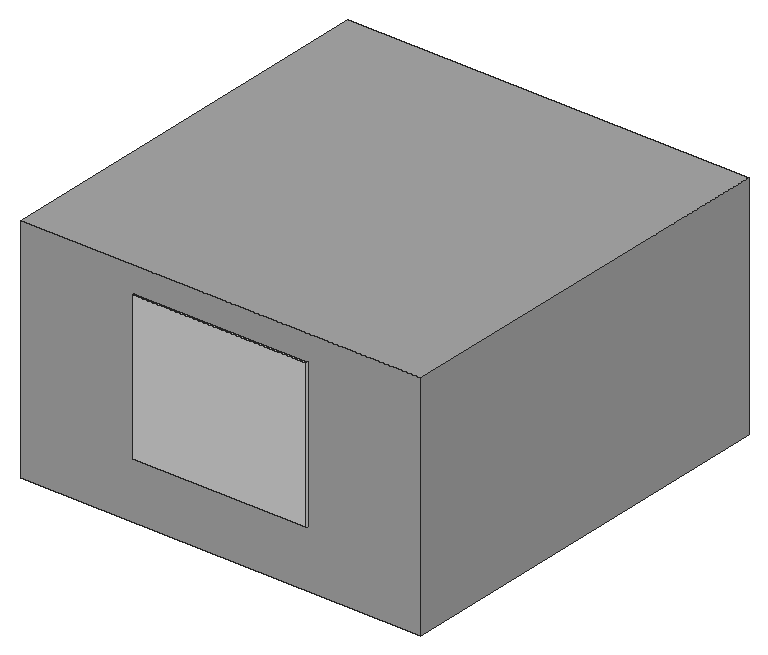
Revit family
Parameters (values of type "FNX 6 - 115V - 4 Pipe - 3 Rows Cooling - 1 Row Heating")
  Width = 31 1/4"
  Supply Fan Quantity = if(Coil Face Area > 2.50 SF, 2, 1)  # 1
  Nominal HP [instance] = 0 kW
  Motor ECM Current = 0 A
  Heating Steam [instance] = not(Heating Hot Water)  # no
  Heating Nominal Input Power [instance] = 0 kW
  Heating Hot Water [instance] = yes
  Voltage = 115 V
  Unit Weight = if(Supply Air Connection Width > 46", 250.00 lbf, if(Supply Air Connection Width > 42", 240.00 lbf, if(Supply Air Connection Width > 37", 228.00 lbf, if(Supply Air Connection Width > 32", 219.00 lbf, if(Supply Air Connection Width > 27", 202.00 lbf, if(Supply Air Connection Width > 22", 158.00 lbf, if(Supply Air Connection Width > 18", 146.00 lbf, 137.00 lbf)))))))  # 137.00 lbf
  Unit Size = "6"
  URL = "http://www.johnsoncontrols.com/publish/us/en.html"
  Type Comments = ""
  Total Cooling Capacity = 0.0 Btu/h
  Total Coil Row Count = 3
  Supply Grille [instance] = not(Supply Duct Collar)  # no
  Supply Duct Collar [instance] = yes
  Supply Air Connection Width = 13 1/2"
  Supply Air Connection Height = 11 1/2"  # constant formula
  Heating Coil Row Count = 0
  Heating Coil Description [instance] = if(Heating Hot Water, "Hot Water", "Steam")  # "Hot Water"
  Filter Quantity = if(Coil Face Area > 2.50 SF, 2, 1)  # 1
  Family Revision Date = "06/01/10"  # constant formula
  Electric Heat Current = Electric Heat Wattage / Voltage  # 26.087 A
  Cooling DX [instance] = not(Cooling Chilled Water)  # no
  Steam Coil Row Quantity = 0
  Sensible Heating Capacity = 0.0 Btu/h
  Sensible Cooling Capacity = 0.0 Btu/h
  Secondary Condensate Drain Flow = 0 GPM
  Return Grille [instance] = not(Return Duct Collar)  # no
  Return Duct Collar [instance] = yes
  Return Connection Rear [instance] = not(Return Connection Bottom)  # yes
  Return Connection Bottom [instance] = no
  Return Air Connection Width = 15 1/2"
  Return Air Connection Height [instance] = if(Return Connection Rear, 14 5/8", 15 1/8")  # 14 5/8"
  Product Page URL = "http://www.johnsoncontrols.com/publish/us/en/products/building_efficiency/integrated_hvac_systems/Industrial___Commercial_HVAC_Equipment/airside_products/fan-coil.html"
  Product Documentation Link = "http://www.johnsoncontrols.com/publish/etc/medialib/jci/be/integrated_hvac_systems/hvac_equipment/airside/fan-coil-units/horizontal-high-performance.Par.62567.File.dat/115-26-EG3909-Horizontal-High-Performance.pdf"
  Pressure Drop = 0.00 in-wg
  Power Factor = 0.8
  Cooling Coil Row Count = 0
  Cooling Coil Description [instance] = if(Cooling Chilled Water, "Chilled Water", "DX")  # "Chilled Water"
  Cooling Chilled Water [instance] = yes
  Condensate Drain Connector 2 Description [instance] = if(Condensate Pipe Secondary, "Condensate Drain Secondary", "Disabled")  # "Condensate Drain Secondary"
  Condensate Drain Connector Description [instance] = "Condensate Drain"  # constant formula
  Heating Return Water Connector Description [instance] = if([4_Pipe], "Heating Water Connection Outlet", "Disabled")  # "Heating Water Connection Outlet"
  Heating Supply Water Connector Description [instance] = if([4_Pipe], "Heating Water Connection Inlet", "Disabled")  # "Heating Water Connection Inlet"
  Return Water Connector Description [instance] = if([4_Pipe], "Cooling Water Connection Outlet", "Water Connection Outlet")  # "Cooling Water Connection Outlet"
  Supply Water Connector Description [instance] = if([4_Pipe], "Cooling Water Connection Inlet", "Water Connection Inlet")  # "Cooling Water Connection Inlet"
  OmniClass Title = "Fan Coil Units"  # constant formula
  OmniClass Number = "23.75.70.17.27"  # constant formula
  Number of Poles = 1
  Net Weight = Unit Weight + Coil Rows Weight  # 158.00 lbf
  Mounting Hole Distance = 20"
  Motor PSC Type [instance] = not(Motor ECM Type)  # yes
  Motor PSC Current = 0 A
  Motor ECM Type [instance] = no
  Model = "FNX"
  Manufacturer = "Johnson Controls, Inc."  # constant formula
  Length = 31 7/8"  # constant formula
  Keynote = "15700"
  Hot Water Connection Diameter = 0"
  Height = 18"  # constant formula
  Heating Water Connection Diameter = Chilled Water Connection Diameter  # 5/8"
  Heating Leaving Water Temperature = 140 °F
  Heating Entering Water Temperature = 180 °F
  Heating Entering Dry Bulb Temperature = 70 °F
  Heating Coil Water Pressure Drop = 0 Pa
  Full Load Current [instance] = if(Motor ECM Type, CTRL Motor ECM Current, CTRL Motor PSC Current)  # 0 A
  Frequency = 0 Hz
  Frame Material = Metal - JCI - Steel - Galvanized
  Filter Throwaway [instance] = yes
  Filter Pleated 2 in [instance] = no
  Filter Pleated 1 in [instance] = no
  Filter Size = "16x16"
  Fan Width = if(Supply Air Connection Width > 32", 8 1/4", if(Supply Air Connection Width > 27", 6 7/8", if(Supply Air Connection Width > 18", 8 1/4", 6 7/8")))  # 6 7/8"
  Fan Motor Horsepower [instance] = 0.1666
  External Static Pressure = 0.00 in-wg
  Electrical Connector Description = "Single Point Power Connection"
  Electric Heat Wattage = 3000 W
  Electric Heat Capacity = (3413 * (Electric Heat Wattage) / 3413)  # 10236.4 Btu/h
  Return Air Connector Description [instance] = if(Return Duct Collar, "Return Air Connection", "Disabled")  # "Return Air Connection"
  Supply Air Connector Description [instance] = if(Supply Duct Collar, "Supply Air Connection", "Disabled")  # "Supply Air Connection"
  Drain Pan Width = 31 5/8"
  Design Heating Water Flow = 0 GPM
  Design Chilled Water Flow = 0 GPM
  Cooling Leaving Water Temperature = 55 °F
  Cooling Entering Wet Bulb Temperature = 67 °F
  Cooling Entering Water Temperature = 45 °F
  Cooling Entering Dry Bulb Temperature = 80 °F
  Cooling Coil Water Pressure Drop = 3447.5 Pa
  Control Enclosure Width = 16"
  Control Enclosure Height = 16"  # constant formula
  Control Enclosure Depth = 6"  # constant formula
  Condensate Drain Pan Material = Metal - JCI - Steel - Galvanized
  Condensate Drain Connection Diameter Auxiliary = 5/8"
  Coil Rows Weight = 21.00 lbf
  Coil Pipe Material = Metal - JCI - Copper - Type-L - Polished
  Coil Nominal Connection Size = 5/8"
  Coil Face Area = if(Supply Air Connection Width > 46", 5.00 SF, if(Supply Air Connection Width > 42", 4.58 SF, if(Supply Air Connection Width > 37", 4.06 SF, if(Supply Air Connection Width > 32", 3.54 SF, if(Supply Air Connection Width > 27", 3.02 SF, if(Supply Air Connection Width > 22", 2.50 SF, if(Supply Air Connection Width > 18", 2.08 SF, 1.56 SF)))))))  # 1.56 SF
  Chilled Water Connection Diameter = 5/8"
  Capacity Above Sea Level = 1.085 - ((Altitude / 12000") * 0.034)  # 1.085
  Two Fan Motors = Supply Air Connection Width > 27"  # no
  Drain Pan Overhang Right [instance] = Coil Connection Right  # no
  Description = ""
  Copyright © = "© 2009, Johnson Controls, Inc."  # constant formula
  Control Enclosure Right [instance] = yes
  Control Enclosure Left [instance] = not(Control Enclosure Right)  # no
  Condensate Pipe Secondary [instance] = yes
  Condensate Drain Connection Diameter = 7/8"
  Condensate Connection Radius Auxiliary [instance] = if(Condensate Pipe Secondary, if(Condensate Drain Connection Diameter Auxiliary < 1/8", 1/16", Condensate Drain Connection Diameter Auxiliary / 2), Condensate Connection Radius)  # 5/16"
  Condensate Connection Radius [instance] = if(Condensate Drain Connection Diameter < 1/8", 1/16", Condensate Drain Connection Diameter / 2)  # 7/16"
  Coil Connection Right [instance] = no
  Coil Connection Left [instance] = not(Coil Connection Right)  # yes
  Coil Casing Depth = 11 5/8"  # constant formula
  CTRL Unit Offset From Bottom [instance] = 0"  # constant formula
  CTRL Supply Offset Front [instance] = 2 11/64"
  CTRL Supply Connection Depth = 1/8"
  CTRL Supply Air Flow [instance] = 200 CFM
  CTRL Supply 2 Offset Front [instance] = CTRL Supply Offset Front + CTRL Return 2 Offset Front  # 7 3/64"
  CTRL Return Connetion Angle [instance] = if(Return Connection Rear, 0.00°, 90.00°)  # 0.00°
  CTRL Return Connection Position [instance] = if(Return Connection Bottom, Length / 2 - ((Return Air Connection Height / 2) + 2 1/4"), 0")  # 0"
  CTRL Return Connection Offset [instance] = if(Return Connection Rear, Length / 2, (Height / 2))  # 15 15/16"
  CTRL Return Connection Depth [instance] = if(Return Connection Rear, if((Return Grille), 1/8", 1 1/4"), 1/8")  # 1 1/4"
  CTRL Return 2 Offset Front [instance] = if([4_Pipe], if(CTRL Supply Offset Front = 0", 9", if([4_Pipe], 4 7/8", 6 7/8")), 4 7/8")  # 4 7/8"
  CTRL Pipes Offset Position [instance] = if(Coil Connection Right, Supply Air Connection Width, 0")  # 0"
  CTRL Pipes Offset Length = ((Width - Supply Air Connection Width) / 2)  # 8 7/8"
  CTRL Motor PSC Current = Motor PSC Current  # 0 A
  CTRL Motor ECM Current = Motor ECM Current  # 0 A
  CTRL Chilled Connection Radius = if(Chilled Water Connection Diameter < 1/4", 1/8", if(Chilled Water Connection Diameter > 4", 2", Chilled Water Connection Diameter / 2))  # 5/16"
  CTRL Pipe Supply 2 Height Offset [instance] = if([4_Pipe], if(CTRL Pipe Supply Height Offset > 10", CTRL Pipe Supply Height Offset, if([4_Pipe], 3", CTRL Pipe Supply Height Offset)), CTRL Pipe Supply Height Offset)  # 3"
  CTRL Pipe Supply Height Offset [instance] = if(CTRL Pipe Return Height Offset = 1 1/2", CTRL Pipe Return Height Offset + 13 3/4", 9 1/8")  # 9 1/8"
  CTRL Heating Connection Radius = if(Heating Water Connection Diameter < 1/4", 1/8", if(Heating Water Connection Diameter > 4", 2", Heating Water Connection Diameter / 2))  # 5/16"
  CTRL Pipe Return Height Offset [instance] = if(Heating Hot Water, 9 1/8", if(Cooling DX, 1 1/2", if(CTRL Supply Offset Front = 0", 2 1/2", 9 1/8")))  # 9 1/8"
  CTRL Pipe Return Angle [instance] = if(Coil Connection Right, 0.00°, 180.00°)  # 180.00°
  CTRL Pipe Return 2 Height Offset [instance] = if([4_Pipe], if(CTRL Pipe Return Height Offset < 3", CTRL Pipe Return Height Offset, if([4_Pipe], 3", CTRL Pipe Return Height Offset)), CTRL Pipe Return Height Offset)  # 3"
  CTRL Filter Height [instance] = if(1 = 1, Return Air Connection Height + 2 1/4", 0")  # 16 7/8"
  CTRL Fan Two Offset = if(Supply Air Connection Width > 27", Supply Air Connection Width / 4, Supply Air Connection Width / 2)  # 6 3/4"
  CTRL Fan One Offset = if(Supply Air Connection Width > 27", Supply Air Connection Width / 4, Supply Air Connection Width / 2)  # 6 3/4"
  CTRL Enclosure Width = if(Control Enclosure Width < 10", 10", if(Control Enclosure Width > 16", 16", Control Enclosure Width))  # 16"
  CTRL Enclosure Offset Right [instance] = if(Control Enclosure Right, (Width / 2), 0")  # 15 5/8"
  CTRL Enclosure Offset Left [instance] = if(Control Enclosure Right, 6", (Width / 2))  # 6"
  CTRL Enclosure Depth 2 [instance] = if(Control Enclosure Right, 0", 6")  # 0"
  CTRL Enclosure Depth 1 [instance] = if(Control Enclosure Right, 6", 0")  # 6"
  CTRL Drain Pipe Width = Width - 10 3/4" - 3"  # 17 1/2"
  CTRL Condensate Connector Position = (Width / 2) - 3"  # 12 5/8"
  CTRL Condensate Connector Angle [instance] = if(Drain Pan Overhang Right, 20.00°, 180.00°)  # 180.00°
  Assembly Code = "D3050100"
  Apparent Load = 0 VA
  Altitude = 1/8"
  Design Supply Air Flow [instance] = 700 CFM
  Actual Supply Air Flow [instance] = 0 CFM
  Actual Return Air Flow [instance] = 0 CFM
  Actual Heating Water Flow [instance] = 0 GPM
  Actual Condensate Drain Flow [instance] = 0 GPM
  Actual Chilled Water Flow [instance] = 0 GPM
  4_Pipe [instance] = yes
  3 Phase Neutral Current = 8.7 A
Reference planes (in)
  plane 1 "Center (Front/Back)": y = 3.125
  plane 2 "Bottom": z = 0
  plane 3 "Center (Left/Right)": x = 0
  plane 4 "Left": x = -15.625
  plane 5 "Right": x = 15.625
  plane 6 "Front": y = -12.8125
  plane 7 "Top": z = 18
  plane 8 "Duct Width Left": x = -6.75
  plane 9 "Duct Width Right": x = 6.75
  plane 10 "Duct Height Top": z = 16
  plane 11 "Duct Height Bottom": z = 4.5
  plane 12 "Duct Connector Front": y = -12.9375
  plane 13 "Duct Width Offset Right": x = 7.98961
  plane 14 "Duct Width Offset Left": x = -8
  plane 15 "Back": y = 19.0625
  plane 16 "Drain Pan Position (Left/Right)": x = 0
  plane 17 "Condensate Connector Position (F/B)": y = -3.0625
  plane 18 "Duct Connection (Top/Bottom)": z = 10.25
  plane 19 "Ctrl Enclosure (L/R) 2": x = 9.625
  plane 20 "Ctrl Enclosure Back": y = 15.6875
  plane 21 "Ctrl Enclosure (L/R) 1": x = 15.625
  plane 22 "Ctrl Enclosure Height Bottom": z = 2
  plane 23 "Return Header": y = -1.75
  plane 24 "Supply Header": y = -3.92188
  plane 25 "Headers Center CTRL (L/R)": x = -6.75
  plane 26 "Return Height Placement": z = 9.125
  plane 27 "Supply Height Placement": z = 9.125
  plane 28 "Fan 1 Center (L/R)": x = 0
  plane 29 "Fan 2 Center (L/R)": x = 0
  plane 30 "Filter Depth": y = 18.0625
  plane 31 "Return Connection Height Bottom": z = 9.625
  plane 32 "Filter Top": z = 17.625
  plane 33 "Condensate Radius": z = 0.4375
  plane 34 "Return Connection Width Left": x = -7.75
  plane 35 "Return Connection Width Right": x = 7.75
  plane 36 "Return Connection (F/B) Position": y = 3.125
  plane 37 "Center Elevation (T/B)": z = 9
  plane 38 "Return Header 2": y = -1.75
  plane 39 "Supply Header 2": y = -3.92188
  plane 40 "Return Height Placement 2": z = 3
  plane 41 "Supply Height Placement 2": z = 3
  plane 42 "Return Connection Back": y = 20.3125
  plane 43 "Return Connection Bottom": z = -1.25
  plane 44 "Duct Offset Top": z = 17.25
  plane 45 "Duct Offset Bottom": z = 3.25
Forms (in)
  Extrusion 1, solid, material "Metal - JCI - Steel - Galvanized" <- "Frame Material", detail levels medium+fine
    sketch origin (0, 0, 0) x (1, 0, 0) y (0, 1, 0)
      loop
        line (15.625, -12.8125) -> (15.625, 19.0625) -> (-15.625, 19.0625) -> (-15.625, -12.8125) -> (15.625, -12.8125)
    from 0 to 18
  Extrusion 2, solid, material "Metal - JCI - Aluminum - Grille", detail levels fine
    sketch origin (0, 3.125, 0) x (1, 0, 0) y (0, 0, 1)
      loop
        line (6.75, 4.5) -> (6.75, 16) -> (-6.75, 16) -> (-6.75, 4.5) -> (6.75, 4.5)
    from 15.9375 to 16.0625
  Blend 3, solid, material "Metal - JCI - Steel - Galvanized" <- "Frame Material", not visible, detail levels medium+fine
    base sketch origin (9.625, 0, 1.75) x (0, -1, 0) y (0, 0, 1)
      loop
        line (-15.6875, 0.25) -> (-3.125, 0.25) -> (-3.125, 16.25) -> (-15.6875, 16.25) -> (-15.6875, 0.25)
    top sketch origin (9.625, 0, 1.75) x (0, -1, 0) y (0, 0, 1)
      loop
        line (-15.6875, 0.25) -> (-3.125, 0.25) -> (-3.125, 16.25) -> (-15.6875, 16.25) -> (-15.6875, 0.25)
    from -6 to 0
  Revolve 4, solid, material "Metal - JCI - Copper - Type-L - Polished" <- "Coil Pipe Material", not visible, detail levels fine
    sketch origin (0, 0, 9.125) x (-1, 0, 0) y (0, -1, 0)
      loop
        line (15.625, 1.75) -> (6.75, 1.75) -> (6.75, 1.4375) -> (15.625, 1.4375) -> (15.625, 1.75)
      axis (6.75, 1.75) -> (15.625, 1.75)
    angle from 0 to 360
  Revolve 5, solid, material "Metal - JCI - Copper - Type-L - Polished" <- "Coil Pipe Material", not visible, detail levels fine
    sketch origin (0, 0, 9.125) x (-1, 0, 0) y (0, -1, 0)
      loop
        line (15.625, 3.92188) -> (6.75, 3.92188) -> (6.75, 3.60938) -> (15.625, 3.60938) -> (15.625, 3.92188)
      axis (6.75, 3.92188) -> (15.625, 3.92188)
    angle from 0 to 360
  Extrusion 6, solid, material "Metal - JCI - Aluminum - Return Grille", detail levels fine
    sketch origin (-15.625, 0, 0) x (0, -1, 0) y (0, 0, 1)
      loop
        line (-19.0625, 16.3125) -> (-20.3125, 16.3125) -> (-20.3125, 1.6875) -> (-19.0625, 1.6875) -> (-19.0625, 16.3125)
    from -23.375 to -7.875
  Revolve 7, solid, material "Metal - JCI - Copper - Type-L - Polished" <- "Coil Pipe Material", not visible, detail levels fine
    sketch origin (0, 0, 3) x (-1, 0, 0) y (0, -1, 0)
      loop
        line (6.75, 1.75) -> (15.625, 1.75) -> (15.625, 2.0625) -> (6.75, 2.0625) -> (6.75, 1.75)
      axis (6.75, 1.75) -> (15.625, 1.75)
    angle from 0 to 360
  Revolve 8, solid, material "Metal - JCI - Copper - Type-L - Polished" <- "Coil Pipe Material", not visible, detail levels fine
    sketch origin (0, 0, 3) x (-1, 0, 0) y (0, -1, 0)
      loop
        line (6.75, 3.92188) -> (15.625, 3.92188) -> (15.625, 4.23438) -> (6.75, 4.23438) -> (6.75, 3.92188)
      axis (6.75, 3.92188) -> (15.625, 3.92188)
    angle from 0 to 360
  Sweep 9, solid, material "Metal - JCI - Aluminum - Satin", visible <- "Return Grille", detail levels fine
    path origin (-15.625, 19.0625, 16.3125) x (0, 0, -1) y (1, 0, 0)
      loop
        line (14.625, 23.375) -> (0, 23.375) -> (0, 7.875) -> (14.625, 7.875) -> (14.625, 23.375)
    profile origin (7.75, 19.0625, 9) x (-1, 0, 0) y (0, -1, 0)
      loop
        line (-1.25, 0) -> (-1.25, -1.25) -> (0, -1.25) -> (0, 0) -> (-1.25, 0)
  Extrusion 10, solid, material "Metal - JCI - Aluminum - Satin", visible <- "Supply Grille", detail levels fine
    sketch origin (0, -12.8125, 0) x (-1, 0, 0) y (0, 0, -1)
      loop
        line (-7.98961, -3.25) -> (-7.98961, -17.25) -> (8, -17.25) -> (8, -3.25) -> (-7.98961, -3.25)
      loop
        line (-6.75, -4.5) -> (-6.75, -16) -> (6.75, -16) -> (6.75, -4.5) -> (-6.75, -4.5)
    from 0 to 0.125
Lines and regions (in)
  Masking region 1
    outline origin (0, 0, 18) x (-1, 0, 0) y (0, -1, 0)
      loop
        line (-15.625, 12.8125) -> (-15.625, -19.0625) -> (15.625, -19.0625) -> (15.625, 12.8125) -> (-15.625, 12.8125)
  Masking region 2, detail levels medium+fine
    outline origin (0, 0, 16) x (-1, 0, 0) y (0, -1, 0)
      loop
        line (-6.75, 12.9375) -> (-6.75, 12.8125) -> (6.75, 12.8125) -> (6.75, 12.9375) -> (-6.75, 12.9375)
  Masking region 3
    outline origin (15.625, 19.0625, 0) x (0, -1, 0) y (0, 0, -1)
      loop
        line (0, 0) -> (0, -18) -> (31.875, -18) -> (31.875, 0) -> (0, 0)
  Masking region 4, detail levels medium+fine
    outline origin (9.625, 0, 0) x (0, -1, 0) y (0, 0, 1)
      loop
        line (12.8125, 4.5) -> (12.9375, 4.5) -> (12.9375, 16) -> (12.8125, 16) -> (12.8125, 4.5)
  Masking region 5
    outline origin (0, 3.125, 0) x (1, 0, 0) y (0, 0, 1)
      loop
        line (15.625, 0) -> (15.625, 18) -> (-15.625, 18) -> (-15.625, 0) -> (15.625, 0)
  Masking region 6, detail levels medium+fine
    outline origin (0, -12.9375, 0) x (-1, 0, 0) y (0, 0, 1)
      loop
        line (-6.75, 4.5) -> (6.75, 4.5) -> (6.75, 16) -> (-6.75, 16) -> (-6.75, 4.5)
  Masking region 7
    outline origin (0, 19.0625, 0) x (-1, 0, 0) y (0, 0, 1)
      loop
        line (-15.625, 0) -> (15.625, 0) -> (15.625, 18) -> (-15.625, 18) -> (-15.625, 0)
  Masking region 8, visible <- "Return Connection Rear", detail levels medium+fine
    outline origin (0, 0, 0) x (0, 1, 0) y (0, 0, 1)
      loop
        line (20.3125, 1.6875) -> (20.3125, 16.3125) -> (19.0625, 16.3125) -> (19.0625, 1.6875) -> (20.3125, 1.6875)
  Masking region 9, visible <- "Return Connection Bottom", detail levels medium+fine
    outline origin (0, 0, 0) x (0, 1, 0) y (0, 0, 1)
      loop
        line (10.4375, -1.25) -> (10.4375, 0) -> (-4.1875, 0) -> (-4.1875, -1.25) -> (10.4375, -1.25)
  symbolic lines, style "Fan Coil Unit", detail levels coarse
    curve 1: line (0, -12.9375, 16) -> (0, -12.8125, 16)
  model lines, style "Fan Coil Unit", detail levels medium
    curve 2: line (-6.75, -12.8125, 4.5) -> (6.75, -12.8125, 4.5)
    curve 3: line (-6.75, -12.8125, 4.5) -> (-6.75, -12.8125, 16)
    curve 4: line (6.75, -12.8125, 4.5) -> (6.75, -12.8125, 16)
    curve 31: line (6.75, -12.8125, 16) -> (-6.75, -12.8125, 16)
  model lines, style "Fan Coil Unit", detail levels coarse
    curve 5: line (0, -12.8125, 10.25) -> (0, -12.9375, 10.25)
    curve 19: line (-15.625, 19.0625, 18) -> (-15.625, -12.8125, 18)
    curve 20: line (-15.625, -12.8125, 18) -> (15.625, -12.8125, 18)
    curve 21: line (15.625, -12.8125, 18) -> (15.625, 19.0625, 18)
    curve 22: line (15.625, 19.0625, 18) -> (-15.625, 19.0625, 18)
    curve 23: line (15.625, -12.8125, 0) -> (-15.625, -12.8125, 0)
    curve 24: line (-15.625, -12.8125, 0) -> (-15.625, 19.0625, 0)
    curve 25: line (-15.625, 19.0625, 0) -> (15.625, 19.0625, 0)
    curve 26: line (15.625, 19.0625, 0) -> (15.625, -12.8125, 0)
    curve 27: line (-15.625, 19.0625, 18) -> (-15.625, 19.0625, 0)
    curve 28: line (-15.625, -12.8125, 0) -> (-15.625, -12.8125, 18)
    curve 29: line (15.625, -12.8125, 18) -> (15.625, -12.8125, 0)
    curve 30: line (15.625, 19.0625, 0) -> (15.625, 19.0625, 18)
    curve 36: line (0, 19.0625, 9) -> (0, 20.3125, 9)
  reference lines
    curve 6: line (15.625, 1.64694, 0) -> (15.625, 20.20944, 0)
    curve 7: line (9.625, 1.64694, 0) -> (9.625, 20.20944, 0)
    curve 8: line (15.21873, -1.4375, 0) -> (8.27084, -1.4375, 0)
    curve 9: line (15.21873, -2.0625, 0) -> (8.27084, -2.0625, 0)
    curve 10: line (15.21873, -3.60938, 0) -> (8.53123, -3.60938, 0)
    curve 11: line (15.21873, -4.23438, 0) -> (8.53123, -4.23438, 0)
    curve 13: line (0, 3.125, 9) -> (0, 19.0625, 9)
    curve 14: line (0, 19.0625, 17.73025) -> (0, 19.0625, 1.73025)
    curve 15: line (0, 19.0625, 1.6875) -> (0, 19.0625, 16.3125)
    curve 16: line (0, 20.3125, 1.6875) -> (0, 20.3125, 16.3125)
    curve 17: line (0, -3.0625, 9) -> (-12.625, -3.0625, 9)
    curve 18: line (-12.625, -3.8125, 9) -> (-12.625, -2.3125, 9)
  symbolic lines, style "Fan Coil Pipes", detail levels coarse
    curve 12: line (0, -12.8125, 10.25) -> (0, -12.9375, 10.25)
  model lines, style "Fan Coil Unit", detail levels medium+fine
    curve 32: line (-7.75, 19.0625, 16.3125) -> (-7.75, 19.0625, 1.6875)
    curve 33: line (-7.75, 19.0625, 1.6875) -> (7.75, 19.0625, 1.6875)
    curve 34: line (7.75, 19.0625, 1.6875) -> (7.75, 19.0625, 16.3125)
    curve 35: line (7.75, 19.0625, 16.3125) -> (-7.75, 19.0625, 16.3125)
  symbolic lines, style "Fan Coil Unit", visible <- "Return Connection Rear", detail levels coarse
    curve 37: line (0, 19.0625, 9) -> (0, 20.3125, 9)
  symbolic lines, style "Fan Coil Unit", visible <- "Return Connection Bottom", detail levels coarse
    curve 38: line (0, 3.125, -1.25) -> (0, 3.125, 0)
  model lines, style "Fan Coil Unit", detail levels fine
    curve 39: line (-14.625, -11.8125, 18) -> (14.625, -11.8125, 18)
    curve 40: line (14.625, -12.8125, 18) -> (14.625, 19.0625, 18)
    curve 41: line (14.625, 18.0625, 18) -> (-14.625, 18.0625, 18)
    curve 42: line (-14.625, 19.0625, 18) -> (-14.625, -12.8125, 18)
    curve 43: line (14.625, -11.8125, 0) -> (-14.625, -11.8125, 0)
    curve 44: line (-14.625, -12.8125, 0) -> (-14.625, 19.0625, 0)
    curve 45: line (-14.625, 18.0625, 0) -> (14.625, 18.0625, 0)
    curve 46: line (14.625, 19.0625, 0) -> (14.625, -12.8125, 0)
    curve 47: line (-14.625, -12.8125, 0) -> (-14.625, -12.8125, 18)
    curve 48: line (14.625, -12.8125, 18) -> (14.625, -12.8125, 0)
    curve 49: line (14.625, 19.0625, 18) -> (14.625, 19.0625, 0)
    curve 50: line (-14.625, 19.0625, 0) -> (-14.625, 19.0625, 18)
  symbolic lines, style "Fan Coil Unit", detail levels fine
    curve 51: line (-14.625, -12.8125, 9) -> (-14.625, 19.0625, 9)
    curve 52: line (14.625, 18.0625, 9) -> (-14.625, 18.0625, 9)
    curve 53: line (14.625, -12.8125, 9) -> (14.625, 19.0625, 9)
    curve 54: line (-14.625, -11.8125, 9) -> (14.625, -11.8125, 9)
    curve 55: line (-14.625, -12.8125, 0) -> (-14.625, -12.8125, 18)
    curve 56: line (14.625, -12.8125, 18) -> (14.625, -12.8125, 0)
  symbolic lines, style "Fan Coil Unit", visible <- "Supply Grille", detail levels fine
    curve 57: line (7.98961, -12.8125, 3.25) -> (-8, -12.8125, 3.25)
    curve 58: line (7.98961, -12.8125, 17.25) -> (7.98961, -12.8125, 3.25)
    curve 59: line (-8, -12.8125, 17.25) -> (7.98961, -12.8125, 17.25)
    curve 60: line (-8, -12.8125, 3.25) -> (-8, -12.8125, 17.25)
  model lines, style "Fan Coil Unit", visible <- "Supply Grille", detail levels medium
    curve 61: line (7.98961, -12.8125, 17.25) -> (7.98961, -12.8125, 3.25)
    curve 62: line (7.98961, -12.8125, 3.25) -> (-8, -12.8125, 3.25)
    curve 63: line (-8, -12.8125, 3.25) -> (-8, -12.8125, 17.25)
    curve 64: line (-8, -12.8125, 17.25) -> (7.98961, -12.8125, 17.25)
  model lines, style "Fan Coil Unit", visible <- "Return Grille", detail levels medium+fine
    curve 65: line (-9, 19.0625, 17.5625) -> (-9, 19.0625, 0.4375)
    curve 66: line (-9, 19.0625, 0.4375) -> (9, 19.0625, 0.4375)
    curve 67: line (9, 19.0625, 0.4375) -> (9, 19.0625, 17.5625)
    curve 68: line (9, 19.0625, 17.5625) -> (-9, 19.0625, 17.5625)
Dimensions and locks (in)
  "Height": plane 7 "Top" to plane 2 "Bottom"
  locked: plane 7 "Top" to plane 10 "Duct Height Top" at 2
  "Supply Air Connection Height": plane 10 "Duct Height Top" to plane 11 "Duct Height Bottom"
  equal spacing: plane 8 "Duct Width Left", plane 3 "Center (Left/Right)", plane 9 "Duct Width Right"
  "Supply Air Connection Width": plane 8 "Duct Width Left" to plane 9 "Duct Width Right"
  "CTRL Supply Connection Depth": plane 12 "Duct Connector Front" to plane 6 "Front"
  locked: plane 14 "Duct Width Offset Left" to plane 8 "Duct Width Left" at 1.25
  locked: plane 13 "Duct Width Offset Right" to plane 9 "Duct Width Right" at 1.23961
  "Width": plane 4 "Left" to plane 5 "Right"
  equal spacing: plane 4 "Left", plane 3 "Center (Left/Right)", plane 5 "Right"
  plane 3 "Center (Left/Right)" to plane 16 "Drain Pan Position (Left/Right)" = 0"
  locked: plane 17 "Condensate Connector Position (F/B)" to plane 1 "Center (Front/Back)" at 6.1875
  equal spacing: plane 10 "Duct Height Top", plane 18 "Duct Connection (Top/Bottom)", plane 11 "Duct Height Bottom"
  "CTRL Enclosure Depth 1": plane 19 "Ctrl Enclosure (L/R) 2" to curve 6
  "CTRL Enclosure Depth 2": plane 19 "Ctrl Enclosure (L/R) 2" to curve 7
  "CTRL Enclosure Offset Left": plane 19 "Ctrl Enclosure (L/R) 2" to plane 21 "Ctrl Enclosure (L/R) 1"
  "CTRL Enclosure Offset Right": plane 3 "Center (Left/Right)" to plane 21 "Ctrl Enclosure (L/R) 1"
  "Control Enclosure Height": plane 7 "Top" to plane 22 "Ctrl Enclosure Height Bottom"
  locked: plane 23 "Return Header" to plane 1 "Center (Front/Back)" at 4.875
  "CTRL Supply Offset Front": plane 23 "Return Header" to plane 24 "Supply Header"
  "CTRL Pipes Offset Length": Revolve 4 sketch curve to Revolve 4 sketch curve
  "CTRL Chilled Connection Radius": Revolve 4 sketch curve to Revolve 4 sketch curve
  "CTRL Pipe Return Height Offset": plane 26 "Return Height Placement" to plane 2 "Bottom"
  "CTRL Pipe Supply Height Offset": plane 27 "Supply Height Placement" to plane 2 "Bottom"
  "CTRL Pipes Offset Length": Revolve 5 sketch curve to Revolve 5 sketch curve
  "CTRL Chilled Connection Radius": Revolve 5 sketch curve to Revolve 5 sketch curve
  equal spacing: curve 9, plane 23 "Return Header", curve 8
  "CTRL Heating Connection Radius": curve 8 to plane 23 "Return Header"
  equal spacing: curve 11, plane 24 "Supply Header", curve 10
  "CTRL Chilled Connection Radius": curve 11 to plane 24 "Supply Header"
  "CTRL Fan One Offset": plane 8 "Duct Width Left" to plane 28 "Fan 1 Center (L/R)"
  "CTRL Fan Two Offset": plane 29 "Fan 2 Center (L/R)" to plane 9 "Duct Width Right"
  locked: plane 15 "Back" to plane 30 "Filter Depth" at 1
  "Condensate Connection Radius": plane 33 "Condensate Radius" to plane 2 "Bottom"
  locked: plane 7 "Top" to plane 32 "Filter Top" at 0.375
  equal spacing: plane 34 "Return Connection Width Left", plane 3 "Center (Left/Right)", plane 35 "Return Connection Width Right"
  "Return Air Connection Width": plane 34 "Return Connection Width Left" to plane 35 "Return Connection Width Right"
  "CTRL Unit Offset From Bottom": plane 2 "Bottom" to level
  equal spacing: plane 7 "Top", plane 37 "Center Elevation (T/B)", plane 2 "Bottom"
  "CTRL Return Connection Offset": curve 13 to curve 13
  locked: curve 15 to curve 14 at 0
  "CTRL Return Connection Depth": curve 16 to curve 15
  equal spacing: curve 16, curve 13, curve 16
  "Return Air Connection Height": curve 16 to curve 16
  "CTRL Return 2 Offset Front": plane 38 "Return Header 2" to plane 1 "Center (Front/Back)"
  "CTRL Supply 2 Offset Front": plane 39 "Supply Header 2" to plane 1 "Center (Front/Back)"
  "CTRL Pipes Offset Length": Revolve 7 sketch curve to Revolve 7 sketch curve
  "CTRL Heating Connection Radius": Revolve 7 sketch curve to Revolve 7 sketch curve
  "CTRL Pipes Offset Length": Revolve 8 sketch curve to Revolve 8 sketch curve
  "CTRL Heating Connection Radius": Revolve 8 sketch curve to Revolve 8 sketch curve
  "CTRL Pipe Supply 2 Height Offset": plane 41 "Supply Height Placement 2" to plane 2 "Bottom"
  "CTRL Pipe Return 2 Height Offset": plane 40 "Return Height Placement 2" to plane 2 "Bottom"
  "CTRL Return Connection Position": plane 1 "Center (Front/Back)" to plane 36 "Return Connection (F/B) Position"
  "CTRL Pipes Offset Position": plane 8 "Duct Width Left" to plane 25 "Headers Center CTRL (L/R)"
  locked: plane 15 "Back" to plane 20 "Ctrl Enclosure Back" at 3.375
  equal spacing: plane 15 "Back", plane 1 "Center (Front/Back)", plane 6 "Front"
  "Length": plane 6 "Front" to plane 15 "Back"
  "CTRL Condensate Connector Position": curve 17 to curve 17
  equal spacing: curve 18, curve 17, curve 18, locked at 0.75 each
  equal spacing: curve 15, curve 13, curve 15
  "Return Air Connection Height": curve 15 to curve 15
  "CTRL Return Connection Depth": plane 15 "Back" to plane 42 "Return Connection Back"
  "CTRL Return Connection Depth": plane 2 "Bottom" to plane 43 "Return Connection Bottom"
  equal spacing: Masking region 8 sketch curve, plane 37 "Center Elevation (T/B)", Masking region 8 sketch curve
  "Return Air Connection Height": Masking region 8 sketch curve to Masking region 8 sketch curve
  equal spacing: Masking region 9 sketch curve, plane 36 "Return Connection (F/B) Position", Masking region 9 sketch curve
  "Return Air Connection Height": Masking region 9 sketch curve to Masking region 9 sketch curve
  locked: Sweep 9 sketch curve to Extrusion 6 at 1.25
  "CTRL Return Connection Depth": Sweep 9 sketch curve to Sweep 9 sketch curve
  locked: plane 44 "Duct Offset Top" to plane 10 "Duct Height Top" at 1.25
  locked: plane 11 "Duct Height Bottom" to plane 45 "Duct Offset Bottom" at 1.25
  "CTRL Pipe Return Angle": angle plane 23 "Return Header" to Revolve 4 sketch curve
  "CTRL Pipe Return Angle": angle plane 24 "Supply Header" to Revolve 5 sketch curve
  "CTRL Condensate Connector Angle": angle plane 17 "Condensate Connector Position (F/B)" to nested 1
  locked: curve 13 to curve 14 (angle 90.00°)
  "CTRL Return Connetion Angle": angle curve 13 to plane 37 "Center Elevation (T/B)"
  angle curve 13 to curve 15 = 90.00°
  locked: curve 13 to curve 16 (angle 90.00°)
  "CTRL Pipe Return Angle": angle plane 38 "Return Header 2" to Revolve 7 sketch curve
  "CTRL Pipe Return Angle": angle plane 39 "Supply Header 2" to Revolve 8 sketch curve
  "CTRL Condensate Connector Angle": angle plane 17 "Condensate Connector Position (F/B)" to curve 17
  locked: curve 17 to curve 18 (angle 90.00°)
  aligned and locked: Extrusion 2 sketch curve to plane 10 "Duct Height Top"
  aligned and locked: Extrusion 2 sketch curve to plane 8 "Duct Width Left"
  aligned and locked: Extrusion 2 sketch curve to plane 9 "Duct Width Right"
  aligned and locked: plane 11 "Duct Height Bottom" to Extrusion 2 sketch curve
  aligned and locked: Extrusion 2 to plane 12 "Duct Connector Front"
  aligned and locked: Extrusion 2 to plane 6 "Front"
  aligned and locked: Masking region 1 sketch curve to plane 4 "Left"
  aligned and locked: Masking region 1 sketch curve to plane 6 "Front"
  aligned and locked: Masking region 1 sketch curve to plane 5 "Right"
  aligned and locked: Masking region 2 sketch curve to plane 8 "Duct Width Left"
  aligned and locked: plane 12 "Duct Connector Front" to Masking region 2 sketch curve
  aligned and locked: plane 6 "Front" to Masking region 2 sketch curve
  aligned and locked: Masking region 2 sketch curve to plane 9 "Duct Width Right"
  aligned and locked: curve 1 to plane 16 "Drain Pan Position (Left/Right)"
  aligned and locked: plane 6 "Front" to curve 1
  aligned and locked: plane 12 "Duct Connector Front" to curve 1
  aligned and locked: plane 6 "Front" to curve 2
  aligned and locked: plane 11 "Duct Height Bottom" to curve 3
  aligned and locked: curve 3 to plane 8 "Duct Width Left"
  aligned and locked: plane 11 "Duct Height Bottom" to curve 4
  aligned and locked: plane 9 "Duct Width Right" to curve 4
  aligned and locked: plane 12 "Duct Connector Front" to curve 5
  aligned and locked: plane 6 "Front" to curve 5
  aligned and locked: plane 18 "Duct Connection (Top/Bottom)" to curve 5
  aligned and locked: var sketch to Blend 3 sketch curve
  aligned and locked: Blend 3 sketch curve to var sketch  (x3)
  aligned and locked: Blend 3 sketch curve to plane 1 "Center (Front/Back)"
  aligned and locked: Blend 3 sketch curve to plane 20 "Ctrl Enclosure Back"
  aligned and locked: curve 6 to Blend 3
  aligned and locked: Blend 3 to curve 7
  aligned and locked: plane 25 "Headers Center CTRL (L/R)" to Revolve 4 sketch curve
  aligned and locked: plane 23 "Return Header" to Revolve 4 sketch curve
  aligned and locked: Revolve 4 sketch curve to Revolve 4 sketch curve  (x3)
  aligned and locked: plane 25 "Headers Center CTRL (L/R)" to Revolve 5 sketch curve
  aligned and locked: plane 24 "Supply Header" to Revolve 5 sketch curve
  aligned and locked: Revolve 5 sketch curve to Revolve 5 sketch curve  (x3)
  aligned and locked: plane 2 "Bottom" to nested 1
  aligned and locked: plane 7 "Top" to Blend 3
  aligned and locked: plane 22 "Ctrl Enclosure Height Bottom" to Blend 3 sketch curve
  aligned and locked: Blend 3 sketch curve to plane 7 "Top"
  aligned and locked: Masking region 3 sketch curve to plane 6 "Front"
  aligned and locked: Masking region 4 sketch curve to plane 10 "Duct Height Top"
  aligned and locked: plane 12 "Duct Connector Front" to Masking region 4 sketch curve
  aligned and locked: plane 6 "Front" to Masking region 4 sketch curve
  aligned and locked: plane 11 "Duct Height Bottom" to Masking region 4 sketch curve
  aligned and locked: plane 12 "Duct Connector Front" to curve 12
  aligned and locked: plane 6 "Front" to curve 12
  aligned and locked: plane 18 "Duct Connection (Top/Bottom)" to curve 12
  aligned and locked: Masking region 3 sketch curve to plane 7 "Top"
  aligned and locked: plane 36 "Return Connection (F/B) Position" to curve 13
  aligned and locked: plane 37 "Center Elevation (T/B)" to curve 13
  aligned and locked: Masking region 5 sketch curve to plane 7 "Top"
  aligned and locked: plane 2 "Bottom" to Masking region 5 sketch curve
  aligned and locked: Masking region 5 sketch curve to plane 5 "Right"
  aligned and locked: Masking region 5 sketch curve to plane 4 "Left"
  aligned and locked: Masking region 6 sketch curve to plane 10 "Duct Height Top"
  aligned and locked: Masking region 6 sketch curve to plane 8 "Duct Width Left"
  aligned and locked: Masking region 6 sketch curve to plane 9 "Duct Width Right"
  aligned and locked: plane 11 "Duct Height Bottom" to Masking region 6 sketch curve
  aligned and locked: Masking region 7 sketch curve to plane 7 "Top"
  aligned and locked: Masking region 7 sketch curve to plane 5 "Right"
  aligned and locked: plane 2 "Bottom" to Masking region 7 sketch curve
  aligned and locked: Masking region 7 sketch curve to plane 4 "Left"
  aligned and locked: curve 16 to Extrusion 6 sketch curve  (x2)
  aligned and locked: Extrusion 6 sketch curve to curve 15
  aligned and locked: Extrusion 6 sketch curve to curve 16
  aligned and locked: plane 35 "Return Connection Width Right" to Extrusion 6
  aligned and locked: plane 34 "Return Connection Width Left" to Extrusion 6
  aligned and locked: plane 25 "Headers Center CTRL (L/R)" to Revolve 7 sketch curve
  aligned and locked: plane 38 "Return Header 2" to Revolve 7 sketch curve
  aligned and locked: Revolve 7 sketch curve to Revolve 7 sketch curve  (x3)
  aligned and locked: plane 39 "Supply Header 2" to Revolve 8 sketch curve
  aligned and locked: plane 25 "Headers Center CTRL (L/R)" to Revolve 8 sketch curve
  aligned and locked: Revolve 8 sketch curve to Revolve 8 sketch curve  (x3)
  aligned and locked: plane 7 "Top" to Extrusion 1
  aligned and locked: Extrusion 1 sketch curve to plane 4 "Left"
  aligned and locked: Extrusion 1 sketch curve to plane 5 "Right"
  aligned and locked: Extrusion 1 sketch curve to plane 6 "Front"
  aligned and locked: Extrusion 1 sketch curve to plane 15 "Back"
  aligned and locked: Extrusion 1 to plane 2 "Bottom"
  aligned and locked: Masking region 1 sketch curve to plane 15 "Back"
  aligned and locked: Masking region 3 sketch curve to plane 15 "Back"
  aligned and locked: plane 2 "Bottom" to Masking region 3 sketch curve
  aligned and locked: curve 17 to nested 1
  aligned and locked: curve 18 to nested 1
  aligned and locked: curve 19 to Extrusion 1
  aligned and locked: curve 20 to Extrusion 1
  aligned and locked: curve 21 to Extrusion 1
  aligned and locked: curve 22 to Extrusion 1
  aligned and locked: curve 23 to Extrusion 1
  aligned and locked: curve 24 to Extrusion 1
  aligned and locked: curve 25 to Extrusion 1
  aligned and locked: curve 26 to Extrusion 1
  aligned and locked: curve 27 to Extrusion 1
  aligned and locked: curve 28 to Extrusion 1
  aligned and locked: curve 29 to Extrusion 1
  aligned and locked: curve 30 to Extrusion 1
  aligned and locked: curve 31 to Extrusion 2
  aligned and locked: curve 32 to Extrusion 6
  aligned and locked: curve 33 to Extrusion 6
  aligned and locked: curve 34 to Extrusion 6
  aligned and locked: curve 35 to Extrusion 6
  aligned and locked: plane 15 "Back" to Masking region 8 sketch curve
  aligned and locked: plane 42 "Return Connection Back" to Masking region 8 sketch curve
  aligned and locked: Masking region 9 sketch curve to plane 2 "Bottom"
  aligned and locked: plane 43 "Return Connection Bottom" to Masking region 9 sketch curve
  aligned and locked: curve 13 to curve 36
  aligned and locked: curve 15 to curve 36
  aligned and locked: curve 16 to curve 36
  aligned and locked: plane 2 "Bottom" to curve 38
  aligned and locked: curve 38 to plane 36 "Return Connection (F/B) Position"
  aligned and locked: plane 43 "Return Connection Bottom" to curve 38
  aligned and locked: plane 42 "Return Connection Back" to curve 37
  aligned and locked: plane 15 "Back" to curve 37
  aligned and locked: curve 37 to plane 37 "Center Elevation (T/B)"
  aligned and locked: Sweep 9 sketch curve to curve 34
  aligned and locked: Sweep 9 sketch curve to curve 35
  aligned and locked: Sweep 9 sketch curve to curve 32
  aligned and locked: Sweep 9 sketch curve to curve 33
  aligned and locked: Extrusion 6 to Sweep 9 sketch curve
  aligned and locked: curve 50 to curve 47
  aligned and locked: curve 49 to curve 48
  aligned and locked: curve 45 to curve 49
  aligned and locked: curve 49 to curve 41
  aligned and locked: curve 51 to curve 44
  aligned and locked: curve 52 to curve 41
  aligned and locked: curve 53 to curve 40
  aligned and locked: curve 54 to curve 39
  aligned and locked: curve 55 to curve 47
  aligned and locked: curve 56 to curve 48
  aligned and locked: Extrusion 10 sketch curve to plane 10 "Duct Height Top"
  aligned and locked: Extrusion 10 sketch curve to plane 44 "Duct Offset Top"
  aligned and locked: Extrusion 10 sketch curve to plane 8 "Duct Width Left"
  aligned and locked: Extrusion 10 sketch curve to plane 14 "Duct Width Offset Left"
  aligned and locked: Extrusion 10 sketch curve to plane 13 "Duct Width Offset Right"
  aligned and locked: plane 45 "Duct Offset Bottom" to Extrusion 10 sketch curve
  aligned and locked: plane 11 "Duct Height Bottom" to Extrusion 10 sketch curve
  aligned and locked: Extrusion 10 to plane 6 "Front"
  aligned and locked: Extrusion 10 to plane 12 "Duct Connector Front"
  aligned and locked: Extrusion 10 sketch curve to plane 9 "Duct Width Right"
  aligned and locked: plane 45 "Duct Offset Bottom" to curve 57
  aligned and locked: curve 58 to plane 13 "Duct Width Offset Right"
  aligned and locked: curve 60 to plane 14 "Duct Width Offset Left"
  aligned and locked: curve 59 to plane 44 "Duct Offset Top"
  aligned and locked: curve 61 to Extrusion 10
  aligned and locked: curve 62 to Extrusion 10
  aligned and locked: curve 63 to Extrusion 10
  aligned and locked: curve 64 to Extrusion 10
  aligned and locked: curve 65 to Sweep 9
  aligned and locked: curve 66 to Sweep 9
  aligned and locked: curve 67 to Sweep 9
  aligned and locked: curve 68 to Sweep 9
Automatic sketch dimensions
  curve 2 to plane 9 "Duct Width Right" = 0"
  curve 2 to plane 8 "Duct Width Left" = 0"
  plane 13 "Duct Width Offset Right" to curve 9 = 9/32"
  plane 13 "Duct Width Offset Right" to curve 8 = 9/32"
  plane 35 "Return Connection Width Right" to curve 11 = 25/32"
  plane 35 "Return Connection Width Right" to curve 10 = 25/32"
  curve 8 to plane 5 "Right" = 13/32"
  curve 10 to plane 5 "Right" = 13/32"
  curve 11 to plane 5 "Right" = 13/32"
  curve 9 to plane 5 "Right" = 13/32"
  plane 1 "Center (Front/Back)" to curve 7 = 1.47806"
  plane 1 "Center (Front/Back)" to curve 6 = 1.47806"
  plane 15 "Back" to curve 6 = 1.14694"
  plane 15 "Back" to curve 7 = 1.14694"
  curve 17 to plane 16 "Drain Pan Position (Left/Right)" = 0"
  curve 17 to plane 17 "Condensate Connector Position (F/B)" = 0"
  curve 27 to Extrusion 1 = 0"  (x2)
  curve 28 to Extrusion 1 = 0"  (x2)
  curve 29 to Extrusion 1 = 0"  (x2)
  curve 30 to Extrusion 1 = 0"  (x2)
  curve 31 to Extrusion 2 = 0"  (x2)
  curve 14 to curve 15 = 0"
  profile plane to Sweep 9 sketch curve = 0"
  curve 39 to Extrusion 1 = 1"  (x3)
  curve 41 to Extrusion 1 = 1"
  Extrusion 1 to curve 44 = 1"
  Extrusion 1 to curve 43 = 1"  (x2)
  Extrusion 1 to curve 45 = 1"
  curve 48 to Extrusion 1 = 0"  (x2)
  curve 47 to Extrusion 1 = 0"  (x2)
  curve 48 to Extrusion 1 = 1"
  curve 47 to Extrusion 1 = 1"
  curve 50 to Extrusion 1 = 0"  (x2)
  curve 51 to plane 15 "Back" = 0"
  curve 51 to plane 6 "Front" = 0"
  curve 53 to plane 6 "Front" = 0"
  curve 53 to plane 15 "Back" = 0"
  curve 56 to level = 0"
  curve 55 to level = 0"
  curve 3 to plane 10 "Duct Height Top" = 0"
  curve 4 to plane 10 "Duct Height Top" = 0"
  curve 55 to plane 7 "Top" = 0"
  curve 56 to plane 7 "Top" = 0"
Nested families (in)
  nested 1: "Drain_Pan-JCI-2_Pipes" at (6, 4.0171, 0) x (-1, 0, 0) z (0, 0, 1), type "Drain_Pan-JCI-2_Pipes", not visible
    with Width 17 1/2", Drain Pan Angle 0.00°
Connectors (in)
  hvac at (0, -12.9375, 10.25), driven by "Supply Air Connection Height", driven by "Supply Air Connection Width", driven by "Actual Supply Air Flow", driven by "Pressure Drop", driven by "Supply Air Connector Description"
    settings: on Extrusion 2, index 4
  electrical at (15.625, 9.40625, 10), driven by "Voltage", driven by "Apparent Load", driven by "Power Factor", driven by "Number of Poles", driven by "Electrical Connector Description"
    settings: on Blend 3, index 5
  piping at (-15.625, -1.75, 9.125), driven by "CTRL Heating Connection Radius", driven by "Actual Chilled Water Flow", driven by "Cooling Coil Water Pressure Drop", driven by "Return Water Connector Description"
    settings: on Revolve 4, index 6
  piping at (-15.625, -3.92188, 9.125), driven by "CTRL Chilled Connection Radius", driven by "Actual Heating Water Flow", driven by "Heating Return Water Connector Description", driven by "Cooling Coil Water Pressure Drop"
    settings: on Revolve 5, index 7
  piping at (-15.625, -3, 0.4375), driven by "Condensate Connection Radius", driven by "Condensate Drain Connector Description", driven by "Actual Condensate Drain Flow"
    settings: on nested 1, index 8
  piping at (-15.625, -0.875, 0.3125), driven by "Condensate Connection Radius Auxiliary", driven by "Condensate Drain Connector 2 Description", driven by "Secondary Condensate Drain Flow"
    settings: on nested 1, index 9
  hvac at (0, 20.3125, 9), driven by "Actual Return Air Flow", driven by "Return Air Connection Height", driven by "Return Air Connection Width", driven by "Return Air Connector Description"
    settings: on Extrusion 6, index 10
  piping at (-15.625, -3.92188, 3), driven by "CTRL Heating Connection Radius", driven by "Heating Coil Water Pressure Drop", driven by "Actual Heating Water Flow", driven by "Heating Supply Water Connector Description"
    settings: on Revolve 8, index 11
  piping at (-15.625, -1.75, 3), driven by "CTRL Heating Connection Radius", driven by "Supply Water Connector Description", driven by "Actual Chilled Water Flow"
    settings: on Revolve 7, index 12
Definition of nested family "Drain_Pan-JCI-2_Pipes"
  Parameters (values of type "Drain_Pan-JCI-2_Pipes")
    Width = 31 1/4"
    Material = Metal - JCI - Steel - Galvanized
    Drain Pipes = Metal - JCI - Copper - Type-L - Polished
    Drain Pipe Radius 2 = 5/16"
    Drain Pipe Radius 1 = 7/16"
    Drain Pan Height = 1 1/2"
    Drain Pan Angle = 2.00°
    Depth = 12 5/8"
    Condensate Pipe Secondary = yes
    CTRL Secondary Pipe Front Offset = if(Condensate Pipe Secondary, 4 1/8", 6 1/4")  # 4 1/8"
    CTRL Condensate Pipe 2 Length = 9"  # constant formula
    Auxiliary Drain Pan = no
    Assembly Code = ""
  Reference planes (in)
    plane 1 "Front": y = 0.7671
    plane 2 "Bottom": z = 0
    plane 3 "Center (Left/Right)": x = 0
    plane 4 "Back": y = 13.3921
    plane 5 "Left": x = -15.625
    plane 6 "Width Right": x = 15.625
    plane 7 "Drain Pan Left": x = -14.75
    plane 8 "Drain Pan Right": x = 25.5
    plane 9 "Drain Pipe 1": y = 7.0171
    plane 10 "Drain Pipe 2": y = 4.8921
    plane 11 "Center (Front/Back)": y = 7.0796
    plane 12: y = 7.4546
    plane 13: y = 6.5796
    plane 14: y = 4.5796
    plane 15: y = 5.2046
    plane 16 "Top": z = 4
  Forms (in)
    Extrusion 1, solid, material "Metal - JCI - Steel - Galvanized" <- "Material", detail levels medium+fine
      sketch origin (0, 0.7671, 0) x (1, 0, 0) y (0, 0, 1)
        loop
          line (-14.69765, 2.90465) -> (-14.75, 1.40556) -> (25.5, 0) -> (25.55235, 1.49909) -> (-14.69765, 2.90465)
      from -12.625 to 0
    Revolve 2, solid, material "Metal - JCI - Copper - Type-L - Polished" <- "Drain Pipes", detail levels fine
      sketch origin (0, 7.0171, 0) x (-1, 0, 0) y (0, 0, 1)
        loop
          line (-25.51527, 0.43723) -> (-28.51344, 0.33253) -> (-28.49817, -0.1047) -> (-25.5, 0) -> (-25.51527, 0.43723)
        axis (-25.51527, 0.43723) -> (-28.51344, 0.33253)
      angle from 0 to 360
    Revolve 3, solid, material "Metal - JCI - Copper - Type-L - Polished" <- "Drain Pipes", visible <- "Condensate Pipe Secondary", detail levels fine
      sketch origin (0, 4.8921, 0) x (-1, 0, 0) y (0, 0, 1)
        loop
          line (-19.51456, 0.52171) -> (-28.50908, 0.20761) -> (-28.49817, -0.1047) -> (-19.50366, 0.2094) -> (-19.51456, 0.52171)
        axis (-19.51456, 0.52171) -> (-28.50908, 0.20761)
      angle from 0 to 360
    Extrusion 4, solid, material "Metal - JCI - Steel - Galvanized" <- "Material", visible <- "Auxiliary Drain Pan", detail levels medium+fine
      sketch origin (0, 0.7671, 0) x (1, 0, 0) y (0, 0, 1)
        loop
          line (23.30848, 1.57744) -> (25.5, 1.50091) -> (36.875, 5.19688) -> (36.875, 5.98547) -> (23.30848, 1.57744)
      from -12.625 to 0
  Lines and regions (in)
    Masking region 1
      outline origin (0, 0.7671, 0) x (1, 0, 0) y (0, 0, 1)
        loop
          line (-14.69765, 2.90465) -> (-14.75, 1.40556) -> (25.5, 0) -> (25.55235, 1.49909) -> (-14.69765, 2.90465)
    Masking region 2, detail levels fine
      outline origin (0, 0.7671, 0) x (1, 0, 0) y (0, 0, 1)
        loop
          line (25.53054, 0.87447) -> (25.5, 0) -> (28.49817, -0.1047) -> (28.52871, 0.76977) -> (25.53054, 0.87447)
    Masking region 3, detail levels medium+fine
      outline origin (25.5, 0, 0) x (0, -1, 0) y (0, 0, 1)
        loop
          line (-13.3921, 0) -> (-0.7671, 0) -> (-0.7671, 1.49909) -> (-13.3921, 1.49909) -> (-13.3921, 0)
    Masking region 4, detail levels medium+fine
      outline origin (-14.75, 0, 0) x (0, -1, 0) y (0, 0, 1)
        loop
          line (-0.7671, 2.90465) -> (-13.3921, 2.90465) -> (-13.3921, 1.40556) -> (-0.7671, 1.40556) -> (-0.7671, 2.90465)
    Masking region 5
      outline origin (0, 0, 0) x (0, 1, 0) y (0, 0, 1)
        loop
          line (13.3921, 0) -> (13.3921, 2.90465) -> (0.7671, 2.90465) -> (0.7671, 0) -> (13.3921, 0)
    Masking region 6
      outline origin (0, 0, 0) x (1, 0, 0) y (0, 1, 0)
        loop
          line (25.55235, 0.7671) -> (25.55235, 13.3921) -> (-14.75, 13.3921) -> (-14.75, 0.7671) -> (25.55235, 0.7671)
    Masking region 7
      outline origin (0, 0, 0) x (1, 0, 0) y (0, 1, 0)
        loop
          line (25.5, 0.7671) -> (25.5, 13.3921) -> (-14.69765, 13.3921) -> (-14.69765, 0.7671) -> (25.5, 0.7671)
    Masking region 8, detail levels fine
      outline origin (0, 0, 0) x (1, 0, 0) y (0, 1, 0)
        loop
          line (28.52871, 6.5796) -> (28.52871, 7.4546) -> (25.55235, 7.4546) -> (25.55235, 6.5796) -> (28.52871, 6.5796)
    Masking region 9, visible <- "Condensate Pipe Secondary", detail levels fine
      outline origin (0, 0, 0) x (1, 0, 0) y (0, 1, 0)
        loop
          line (28.52871, 4.5796) -> (28.52871, 5.2046) -> (25.55235, 5.2046) -> (25.55235, 4.5796) -> (28.52871, 4.5796)
    Masking region 10, visible <- "Auxiliary Drain Pan", detail levels medium+fine
      outline origin (0, 0.7671, 0) x (1, 0, 0) y (0, 0, 1)
        loop
          line (36.875, 5.98547) -> (23.30848, 1.57744) -> (25.5, 1.50091) -> (36.875, 5.19688) -> (36.875, 5.98547)
    Masking region 11, visible <- "Auxiliary Drain Pan", detail levels medium+fine
      outline origin (36.875, 0.7671, 5.19688) x (0, 0, 1) y (0, -1, 0)
        loop
          line (0.7886, 0) -> (0, 0) -> (0, -12.625) -> (0.7886, -12.625) -> (0.7886, 0)
    Masking region 12, visible <- "Auxiliary Drain Pan", detail levels medium+fine
      outline origin (36.875, 0.7671, 5.19688) x (0, 0, 1) y (0, -1, 0)
        loop
          line (-3.69779, 0) -> (-3.69779, -12.625) -> (0.7886, -12.625) -> (0.7886, 0) -> (-3.69779, 0)
    Masking region 13, visible <- "Auxiliary Drain Pan", detail levels medium+fine
      outline origin (0, 0, 4) x (-1, 0, 0) y (0, -1, 0)
        loop
          line (-36.875, -13.3921) -> (-23.30848, -13.3921) -> (-23.30848, -0.7671) -> (-36.875, -0.7671) -> (-36.875, -13.3921)
    Masking region 14
      outline origin (25.5, 14.84366, 2.02089) x (0, -1, 0) y (0, 0, 1)
        loop
          spline (8.7502, -1.5115) -> (8.74168, -1.44705) -> (8.71671, -1.38698) -> (8.67698, -1.3354) -> (8.6252, -1.29582) -> (8.56491, -1.27094) -> (8.5002, -1.26246) -> (8.4355, -1.27094) -> (8.3752, -1.29582) -> (8.32342, -1.3354) -> (8.28369, -1.38698) -> (8.25872, -1.44705) -> (8.2502, -1.5115)
          spline (8.2502, -1.5115) -> (8.25872, -1.57596) -> (8.28369, -1.63603) -> (8.32342, -1.68761) -> (8.3752, -1.72719) -> (8.4355, -1.75207) -> (8.5002, -1.76055) -> (8.56491, -1.75207) -> (8.6252, -1.72719) -> (8.67698, -1.68761) -> (8.71671, -1.63603) -> (8.74168, -1.57596) -> (8.7502, -1.5115)
    reference lines
      curve 1: line (25.5, 0.7671, 0) -> (-14.75, 0.7671, 1.40556)
      curve 2: line (-14.75, 0.7671, 1.40556) -> (-14.69765, 0.7671, 2.90465)
      curve 3: line (-14.69765, 0.7671, 2.90465) -> (25.55235, 0.7671, 1.49909)
      curve 4: line (25.55235, 0.7671, 1.49909) -> (25.5, 0.7671, 0)
      curve 5: line (28.52871, 0.7671, 0.76977) -> (28.51344, 0.7671, 0.33253)
      curve 6: line (25.51527, 0.7671, 0.43723) -> (28.51344, 0.7671, 0.33253)
      curve 22: line (25.51091, 0.7671, 0.31231) -> (28.50908, 0.7671, 0.20761)
      curve 23: line (28.50908, 0.7671, 0.20761) -> (28.49817, 0.7671, -0.1047)
    model lines, style "Fan Coil Drain Pipes", detail levels coarse+medium
      curve 7: line (25.51527, 7.0171, 0.43723) -> (28.51344, 7.0171, 0.33253)
    model lines, style "Fan Coil Drain Pipes", visible <- "Condensate Pipe Secondary", detail levels coarse+medium
      curve 8: line (25.51091, 4.8921, 0.31231) -> (28.50908, 4.8921, 0.20761)
    symbolic lines, style "Fan Coil Drain Pipes", detail levels coarse+medium
      curve 9: line (25.51527, 0.7671, 0.43723) -> (28.51344, 0.7671, 0.33253)
    model lines, style "Fan Coil Drain Pan", detail levels coarse
      curve 10: line (-14.69765, 13.3921, 2.90465) -> (25.55235, 13.3921, 1.49909)
      curve 11: line (25.55235, 13.3921, 1.49909) -> (25.5, 13.3921, 0)
      curve 12: line (25.5, 13.3921, 0) -> (-14.75, 13.3921, 1.40556)
      curve 13: line (-14.75, 13.3921, 1.40556) -> (-14.69765, 13.3921, 2.90465)
      curve 14: line (-14.69765, 0.7671, 2.90465) -> (25.55235, 0.7671, 1.49909)
      curve 15: line (25.55235, 0.7671, 1.49909) -> (25.5, 0.7671, 0)
      curve 16: line (25.5, 0.7671, 0) -> (-14.75, 0.7671, 1.40556)
      curve 17: line (-14.75, 0.7671, 1.40556) -> (-14.69765, 0.7671, 2.90465)
      curve 18: line (25.5, 13.3921, 0) -> (25.5, 0.7671, 0)
      curve 19: line (25.55235, 13.3921, 1.49909) -> (25.55235, 0.7671, 1.49909)
      curve 20: line (-14.69765, 0.7671, 2.90465) -> (-14.69765, 13.3921, 2.90465)
      curve 21: line (-14.75, 13.3921, 1.40556) -> (-14.75, 0.7671, 1.40556)
    symbolic lines, style "Fan Coil Pipes", visible <- "Condensate Pipe Secondary", detail levels coarse+medium
      curve 24: line (28.52871, 4.8921, 0) -> (25.55235, 4.8921, 0)
    symbolic lines, style "Fan Coil Pipes", detail levels coarse+medium
      curve 25: line (28.52871, 7.0171, 0) -> (25.55235, 7.0171, 0)
    model lines, style "Fan Coil Drain Pan", visible <- "Auxiliary Drain Pan", detail levels coarse
      curve 26: line (36.875, 13.3921, 5.98547) -> (23.30848, 13.3921, 1.57744)
      curve 27: line (23.30848, 13.3921, 1.57744) -> (23.30848, 0.7671, 1.57744)
      curve 28: line (23.30848, 0.7671, 1.57744) -> (36.875, 0.7671, 5.98547)
      curve 29: line (36.875, 0.7671, 5.98547) -> (36.875, 13.3921, 5.98547)
      curve 30: line (36.875, 13.3921, 5.19688) -> (25.5, 13.3921, 1.50091)
      curve 31: line (25.5, 13.3921, 1.50091) -> (25.5, 0.7671, 1.50091)
      curve 32: line (25.5, 0.7671, 1.50091) -> (36.875, 0.7671, 5.19688)
      curve 33: line (36.875, 0.7671, 5.19688) -> (36.875, 13.3921, 5.19688)
      curve 34: line (36.875, 0.7671, 5.98547) -> (36.875, 0.7671, 5.19688)
      curve 35: line (36.875, 13.3921, 5.19688) -> (36.875, 13.3921, 5.98547)
    model lines, style "Fan Coil Drain Pipes", detail levels fine
      curve 36: circle (28.51344, 7.0171, 0.33253) r 0.4375 normal (-0.9994, 0, 0.0349)
    model lines, style "Fan Coil Drain Pipes", visible <- "Condensate Pipe Secondary", detail levels fine
      curve 37: circle (28.50908, 4.8921, 0.20761) r 0.3125 normal (-0.9994, 0, 0.0349)
  Dimensions and locks (in)
    "Depth": plane 4 "Back" to plane 1 "Front"
    equal spacing: plane 5 "Left", plane 3 "Center (Left/Right)", plane 6 "Width Right"
    "Width": plane 5 "Left" to plane 6 "Width Right"
    locked: plane 6 "Width Right" to plane 8 "Drain Pan Right" at 9.875
    locked: plane 5 "Left" to plane 7 "Drain Pan Left" at 0.875
    "Drain Pan Height": curve 3 to curve 1
    locked: curve 4 to curve 5 at 3
    "Drain Pipe Radius 1": curve 6 to curve 1
    "Drain Pipe Radius 1": curve 6 to curve 5
    equal spacing: plane 4 "Back", plane 11 "Center (Front/Back)", plane 1 "Front"
    equal spacing: plane 12, plane 9 "Drain Pipe 1", plane 13
    locked: plane 9 "Drain Pipe 1" to plane 1 "Front" at 6.25
    "Drain Pipe Radius 1": plane 9 "Drain Pipe 1" to plane 13
    "Drain Pipe Radius 2": curve 22 to curve 1
    locked: curve 4 to curve 23 at 3
    equal spacing: plane 15, plane 10 "Drain Pipe 2", plane 14
    "Drain Pipe Radius 2": plane 10 "Drain Pipe 2" to plane 14
    "CTRL Secondary Pipe Front Offset": plane 10 "Drain Pipe 2" to plane 1 "Front"
    locked: Extrusion 1 to Revolve 3 sketch curve at 6
    "CTRL Condensate Pipe 2 Length": Revolve 3 sketch curve to Revolve 3 sketch curve
    locked: Extrusion 4 sketch curve to Extrusion 4 sketch curve at 0.75
    locked: plane 8 "Drain Pan Right" to Extrusion 4 sketch curve at 11.375
    locked: plane 16 "Top" to plane 2 "Bottom" at 4
    "Drain Pan Angle": angle curve 1 to plane 2 "Bottom"
    locked: curve 2 to curve 3 (angle 90.00°)
    locked: curve 4 to curve 1 (angle 90.00°)
    locked: Extrusion 4 sketch curve to Extrusion 4 sketch curve (angle 20.00°)
    locked: curve 3 to Extrusion 4 sketch curve (angle 20.00°)
    aligned and locked: level to plane 2 "Bottom"
    aligned and locked: plane 2 "Bottom" to curve 1
    aligned and locked: plane 8 "Drain Pan Right" to curve 1
    aligned and locked: plane 7 "Drain Pan Left" to curve 1
    aligned and locked: Extrusion 1 sketch curve to curve 3
    aligned and locked: Extrusion 1 sketch curve to curve 4
    aligned and locked: Extrusion 1 sketch curve to curve 1
    aligned and locked: Extrusion 1 sketch curve to curve 2
    aligned and locked: plane 4 "Back" to Extrusion 1
    aligned and locked: plane 1 "Front" to Extrusion 1
    aligned and locked: Revolve 2 sketch curve to curve 6
    aligned and locked: curve 5 to Revolve 2 sketch curve
    aligned and locked: curve 4 to Revolve 2 sketch curve  (x2)
    aligned and locked: Revolve 2 sketch curve to curve 1
    aligned and locked: Revolve 2 sketch curve to curve 5
    aligned and locked: Revolve 2 sketch curve to Revolve 2 sketch curve
    aligned and locked: curve 4 to Revolve 3 sketch curve
    aligned and locked: curve 5 to Revolve 3 sketch curve
    aligned and locked: Revolve 3 sketch curve to Revolve 3 sketch curve
    aligned and locked: Revolve 3 sketch curve to curve 1
    aligned and locked: curve 7 to curve 6
    aligned and locked: curve 4 to curve 8
    aligned and locked: curve 4 to curve 7
    aligned and locked: curve 5 to curve 8
    aligned and locked: curve 5 to curve 7
    aligned and locked: Masking region 1 sketch curve to curve 3
    aligned and locked: Masking region 1 sketch curve to curve 4
    aligned and locked: Masking region 1 sketch curve to curve 1
    aligned and locked: Masking region 1 sketch curve to curve 2
    aligned and locked: curve 4 to Masking region 2 sketch curve
    aligned and locked: Masking region 2 sketch curve to curve 1
    aligned and locked: Masking region 2 sketch curve to curve 5  (x2)
    aligned and locked: curve 9 to curve 6
    aligned and locked: curve 4 to curve 9
    aligned and locked: curve 5 to curve 9
    aligned and locked: Masking region 3 sketch curve to Extrusion 1  (x3)
    aligned and locked: Extrusion 1 to Masking region 3 sketch curve
